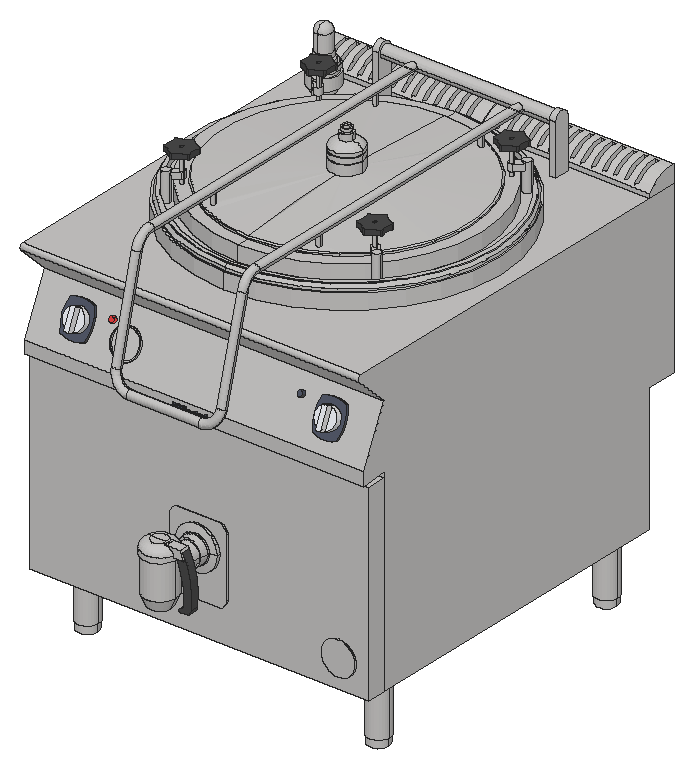
Revit family "QF_ELECTROLUXPROFESSIONAL_391298_E9BSGHDR4C", category Specialty Equipment, Revit 2018 (continued)
Lines and regions (mm)
  symbolic lines
    curve 226: arc (657.768, -246.369, 0) -> (653.24, -234.241, 0) -> (640.819, -237.891, 0) r 9.5
    curve 227: arc (400, -829, 0) -> (341.533, -824.274, 0) -> (284.584, -810.217, 0) r 364
    curve 228: arc (400, -819.087, 0) -> (341.488, -814.219, 0) -> (284.584, -799.749, 0) r 354.087
    curve 229: arc (400, -810.163, 0) -> (341.443, -805.16, 0) -> (284.584, -790.295, 0) r 345.163
    curve 230: arc (400, -785.832, 0) -> (341.301, -780.416, 0) -> (284.584, -764.353, 0) r 320.832
    curve 231: arc (400, -753.723, 0) -> (341.05, -747.641, 0) -> (284.584, -729.651, 0) r 288.723
    curve 232: arc (400, -176.277, 0) -> (458.95, -182.359, 0) -> (515.416, -200.349, 0) r 288.723
    curve 233: arc (400, -144.168, 0) -> (458.699, -149.584, 0) -> (515.416, -165.647, 0) r 320.832
    curve 234: arc (400, -119.837, 0) -> (458.557, -124.84, 0) -> (515.416, -139.705, 0) r 345.163
    curve 235: arc (454.332, -115.106, 0) -> (485.211, -121.319, 0) -> (515.416, -130.251, 0) r 354.087
    curve 236: arc (500.351, -115.106, 0) -> (507.909, -117.363, 0) -> (515.416, -119.783, 0) r 364
    curve 237: arc (284.584, -119.783, 0) -> (292.091, -117.363, 0) -> (299.649, -115.106, 0) r 364
    curve 238: arc (284.584, -130.251, 0) -> (314.789, -121.319, 0) -> (345.668, -115.106, 0) r 354.087
    curve 239: arc (284.584, -139.705, 0) -> (341.443, -124.84, 0) -> (400, -119.837, 0) r 345.163
    curve 240: arc (284.584, -165.647, 0) -> (341.301, -149.584, 0) -> (400, -144.168, 0) r 320.832
    curve 241: arc (284.584, -200.349, 0) -> (341.05, -182.359, 0) -> (400, -176.277, 0) r 288.723
    curve 242: arc (534.416, -209.474, 0) -> (568.945, -230.866, 0) -> (600.131, -256.892, 0) r 288.723
    curve 243: arc (534.416, -173.684, 0) -> (580.763, -199.938, 0) -> (622.126, -233.499, 0) r 320.832
    curve 244: arc (534.416, -147.085, 0) -> (745.163, -465, 0) -> (534.416, -782.915, 0) r 345.163
    curve 245: arc (534.416, -137.418, 0) -> (754.087, -465, 0) -> (534.416, -792.582, 0) r 354.087
    curve 246: arc (534.416, -126.727, 0) -> (764, -465, 0) -> (534.416, -803.273, 0) r 364
    curve 247: arc (265.584, -720.526, 0) -> (231.055, -699.134, 0) -> (199.869, -673.108, 0) r 288.723
    curve 248: arc (265.584, -756.316, 0) -> (219.237, -730.062, 0) -> (177.874, -696.501, 0) r 320.832
    curve 249: arc (265.584, -782.915, 0) -> (54.837, -465, 0) -> (265.584, -147.085, 0) r 345.163
    curve 250: arc (265.584, -792.582, 0) -> (45.913, -465, 0) -> (265.584, -137.418, 0) r 354.087
    curve 251: arc (265.584, -803.273, 0) -> (36, -465, 0) -> (265.584, -126.727, 0) r 364
    curve 252: arc (515.416, -810.217, 0) -> (458.467, -824.274, 0) -> (400, -829, 0) r 364
    curve 253: arc (515.416, -799.749, 0) -> (458.512, -814.219, 0) -> (400, -819.087, 0) r 354.087
    curve 254: arc (515.416, -790.295, 0) -> (458.557, -805.16, 0) -> (400, -810.163, 0) r 345.163
    curve 255: arc (515.416, -764.353, 0) -> (458.699, -780.416, 0) -> (400, -785.832, 0) r 320.832
    curve 256: arc (515.416, -729.651, 0) -> (458.95, -747.641, 0) -> (400, -753.723, 0) r 288.723
    curve 257: arc (199.869, -256.892, 0) -> (231.055, -230.866, 0) -> (265.584, -209.474, 0) r 288.723
    curve 258: arc (177.874, -233.499, 0) -> (219.237, -199.938, 0) -> (265.584, -173.684, 0) r 320.832
    curve 259: arc (632.594, -293.941, 0) -> (688.723, -465, 0) -> (632.594, -636.059, 0) r 288.723
    curve 260: arc (657.013, -272.965, 0) -> (720.832, -465, 0) -> (657.013, -657.035, 0) r 320.832
    curve 261: arc (600.131, -673.108, 0) -> (568.945, -699.134, 0) -> (534.416, -720.526, 0) r 288.723
    curve 262: arc (622.126, -696.501, 0) -> (580.763, -730.062, 0) -> (534.416, -756.316, 0) r 320.832
    curve 263: arc (167.406, -636.059, 0) -> (111.277, -465, 0) -> (167.406, -293.941, 0) r 288.723
    curve 264: arc (142.987, -657.035, 0) -> (79.168, -465, 0) -> (142.987, -272.965, 0) r 320.832
    curve 265: line (284.584, -930, 0) -> (515.416, -930, 0)
    curve 266: line (534.416, -930, 0) -> (800, -930, 0)
    curve 267: arc (363.126, -465, 0) -> (400, -428.126, 0) -> (436.874, -465, 0) r 36.874
    curve 268: arc (436.874, -465, 0) -> (400, -501.874, 0) -> (363.126, -465, 0) r 36.874
    curve 269: arc (411.853, -465, 0) -> (400, -476.853, 0) -> (388.147, -465, 0) r 11.853
    curve 270: arc (388.147, -465, 0) -> (400, -453.147, 0) -> (411.853, -465, 0) r 11.853
    curve 271: arc (393.147, -465, 0) -> (400, -458.147, 0) -> (406.853, -465, 0) r 6.853
    curve 272: arc (406.853, -465, 0) -> (400, -471.853, 0) -> (393.147, -465, 0) r 6.853
  sketch lines
    curve 273: line (524.916, -890.935, 965.089) -> (524.916, -107.606, 965.089)
    curve 274: line (275.084, -890.935, 965.089) -> (275.084, -107.606, 965.089)
    curve 275: line (275.084, -989.388, 712.205) -> (275.084, -929.572, 935.442)
    curve 276: line (484.916, -1000.106, 672.205) -> (315.084, -1000.106, 672.205)
    curve 277: line (524.916, -929.572, 935.442) -> (524.916, -989.388, 712.205)
    curve 278: spline (484.916, -1000.106, 672.205) -> (490.158, -1000.013, 672.551) -> (495.264, -999.741, 673.567) -> (500.22, -999.29, 675.249) -> (504.918, -998.67, 677.565) -> (509.267, -997.891, 680.471) -> (513.2, -996.967, 683.92) -> (516.65, -995.913, 687.855) -> (519.555, -994.746, 692.209) -> (521.869, -993.489, 696.901) -> (523.551, -992.164, 701.847) -> (524.57, -990.793, 706.961) -> (524.916, -989.388, 712.205)
    curve 279: spline (275.084, -989.388, 712.205) -> (275.43, -990.793, 706.963) -> (276.446, -992.161, 701.857) -> (278.128, -993.489, 696.901) -> (280.443, -994.748, 692.203) -> (283.35, -995.913, 687.854) -> (286.799, -996.967, 683.921) -> (290.734, -997.891, 680.471) -> (295.088, -998.67, 677.567) -> (299.78, -999.29, 675.252) -> (304.726, -999.74, 673.571) -> (309.84, -1000.013, 672.552) -> (315.084, -1000.106, 672.205)
    curve 280: arc (275.084, -890.935, 965.089) -> (275.084, -915.286, 956.823) -> (275.084, -929.572, 935.442) r 40
    curve 281: arc (524.916, -929.572, 935.442) -> (524.916, -915.286, 956.823) -> (524.916, -890.935, 965.089) r 40
    curve 282: line (275.084, -107.606, 965.089) -> (275.084, -270.469, 1731.3)
    curve 283: line (275.084, -538.322, 1775.026) -> (275.084, -307.502, 1762.929)
    curve 284: arc (275.084, -270.469, 1731.3) -> (275.084, -283.617, 1753.4) -> (275.084, -307.502, 1762.929) r 40
    curve 285: arc (275.084, -538.322, 1775.026) -> (286.8, -566.568, 1776.497) -> (315.084, -578.268, 1777.106) r 40
    curve 286: line (315.084, -578.268, 1777.106) -> (484.916, -578.268, 1777.106)
    curve 287: arc (524.916, -538.322, 1775.026) -> (513.2, -566.568, 1776.497) -> (484.916, -578.268, 1777.106) r 40
    curve 288: line (524.916, -538.322, 1775.026) -> (524.916, -307.502, 1762.929)
    curve 289: arc (524.916, -270.469, 1731.3) -> (524.916, -283.617, 1753.4) -> (524.916, -307.502, 1762.929) r 40
    curve 290: line (524.916, -107.606, 965.089) -> (524.916, -270.469, 1731.3)
Dimensions and locks
  equal spacing: plane 3 "LEFT", plane 7 "Center Y", plane 4 "RIGHT"
  plane 3 "LEFT" to plane 4 "RIGHT" = 800 mm
  equal spacing: plane 5 "FRONT", plane 8 "Center X", plane 1 "BACK"
  plane 5 "FRONT" to plane 1 "BACK" = 930 mm
  plane 6 "TOP" to level = 850 mm  (x2)
  plane 11 to level = 1786 mm  (x2)
  plane 9 "Base" to level = 150 mm  (x2)
  plane 6 "TOP" to plane 9 "Base" = 700 mm
  plane 12 to plane 3 "LEFT" = 56 mm
  plane 4 "RIGHT" to plane 13 = 56 mm
  plane 12 to plane 13 = 688 mm
  Extrusion 3 to plane 10 = 116 mm
  plane 1 "BACK" to Extrusion 3 = 901 mm
  Extrusion 3 to plane 9 "Base" = 299 mm
  plane 1 "BACK" to Extrusion 3 = 72 mm
  Extrusion 19 sketch curve to plane 1 "BACK" = 655 mm
  Extrusion 19 sketch curve to plane 4 "RIGHT" = 54 mm
  Extrusion 20 sketch curve to plane 1 "BACK" = 721 mm
  Extrusion 20 sketch curve to plane 4 "RIGHT" = 71 mm
  Extrusion 20 to plane 1 "BACK" = 721 mm
  Extrusion 19 to plane 1 "BACK" = 655 mm
  plane 14 to plane 4 "RIGHT" = 54 mm
  plane 15 to plane 4 "RIGHT" = 71 mm
  Extrusion 21 sketch curve to plane 1 "BACK" = 646 mm
  Extrusion 21 sketch curve to plane 1 "BACK" = 716 mm
  Extrusion 21 to plane 1 "BACK" = 646 mm
  Extrusion 21 to plane 1 "BACK" = 716 mm
  plane 3 "LEFT" to plane 16 = 46 mm
  plane 1 "BACK" to plane 19 = 127 mm
  Revolve 33 to level = 266 mm
  plane 9 "Base" to Extrusion 21 = 13 mm
  level to Extrusion 21 = 137 mm
  Extrusion 36 sketch curve to plane 1 "BACK" = 716 mm
  plane 19 to plane 20 to Extrusion 3 = 674 mm, 100 mm
  aligned and locked: level to plane 2
  aligned and locked: plane 4 "RIGHT" to Extrusion 3
Automatic sketch dimensions
  curve 127 to curve 129 = 0 mm  (x2)
  curve 127 to curve 131 = 0 mm  (x2)
  curve 127 to curve 133 = 0 mm  (x2)
  curve 164 to curve 165 = 0 mm  (x2)
  curve 210 to curve 211 = 0 mm
  curve 227 to curve 228 = 0 mm  (x2)
  curve 227 to curve 229 = 0 mm  (x2)
  curve 227 to curve 230 = 0 mm  (x2)
  curve 227 to curve 231 = 0 mm  (x2)
  curve 227 to curve 232 = 0 mm  (x2)
  curve 227 to curve 233 = 0 mm  (x2)
  curve 227 to curve 234 = 0 mm  (x2)
  curve 227 to curve 235 = 0 mm  (x2)
  curve 227 to curve 236 = 0 mm  (x2)
  curve 227 to curve 237 = 0 mm  (x2)
  curve 227 to curve 238 = 0 mm  (x2)
  curve 227 to curve 239 = 0 mm
  curve 227 to curve 240 = 0 mm
  curve 227 to curve 241 = 0 mm
  curve 227 to curve 242 = 0 mm  (x2)
  curve 227 to curve 243 = 0 mm  (x2)
  curve 227 to curve 244 = 0 mm  (x2)
  curve 227 to curve 245 = 0 mm  (x2)
  curve 227 to curve 246 = 0 mm  (x2)
  curve 227 to curve 247 = 0 mm  (x2)
  curve 227 to curve 248 = 0 mm  (x2)
  curve 227 to curve 249 = 0 mm  (x2)
  curve 227 to curve 250 = 0 mm  (x2)
  curve 227 to curve 251 = 0 mm  (x2)
  curve 227 to curve 252 = 0 mm
  curve 227 to curve 253 = 0 mm
  curve 227 to curve 254 = 0 mm
  curve 227 to curve 255 = 0 mm
  curve 227 to curve 256 = 0 mm
  curve 227 to curve 257 = 0 mm  (x2)
  curve 227 to curve 258 = 0 mm  (x2)
  curve 227 to curve 259 = 0 mm  (x2)
  curve 227 to curve 260 = 0 mm  (x2)
  curve 227 to curve 261 = 0 mm  (x2)
  curve 227 to curve 262 = 0 mm  (x2)
  curve 227 to curve 263 = 0 mm  (x2)
  curve 227 to curve 264 = 0 mm  (x2)
  curve 238 to curve 267 = 0 mm
  curve 249 to curve 267 = 0 mm
  curve 268 to curve 272 = 0 mm  (x2)
  curve 270 to curve 272 = 0 mm  (x2)
  plane 5 "FRONT" to curve 3 = 0 mm
  curve 8 to plane 3 "LEFT" = 0 mm
  curve 132 to plane 19 = 0 mm
  curve 211 to plane 17 = 0 mm
  curve 195 to plane 17 = 0 mm
  plane 5 "FRONT" to curve 4 = 0 mm
  plane 5 "FRONT" to curve 265 = 0 mm
  curve 268 to plane 8 "Center X" = 0 mm
  curve 267 to plane 7 "Center Y" = 0 mm
  curve 164 to plane 7 "Center Y" = 0 mm
  plane 5 "FRONT" to curve 266 = 0 mm
  curve 180 to plane 18 = 0 mm
  curve 226 to plane 18 = 0 mm
  curve 266 to plane 4 "RIGHT" = 0 mm
  plane 5 "FRONT" to curve 1 = 0 mm
  plane 10 to curve 165 = 0 mm
  plane 1 "BACK" to curve 5 = 0 mm
  curve 3 to plane 3 "LEFT" = 50 mm
  plane 1 "BACK" to curve 14 = 6.761 mm
  plane 16 to curve 14 = 17.297 mm
  plane 16 to curve 16 = 8.001 mm
  plane 12 to curve 20 = 0.809 mm
  curve 20 to plane 12 = 8.487 mm
  curve 131 to plane 12 = 19 mm
  curve 206 to plane 12 = 22.767 mm
  curve 185 to plane 12 = 22.767 mm
  plane 1 "BACK" to curve 23 = 6.761 mm
  curve 19 to curve 23 = 16.193 mm
  curve 22 to curve 22 = 9.296 mm
  plane 1 "BACK" to curve 29 = 6.761 mm
  curve 22 to curve 29 = 16.193 mm
  curve 28 to curve 27 = 9.296 mm
  plane 17 to curve 183 = 25.788 mm
  plane 17 to curve 187 = 25.788 mm
  plane 17 to curve 204 = 25.788 mm
  curve 26 to curve 31 = 16.193 mm
  plane 17 to curve 264 = 8.023 mm  (x2)
  curve 31 to curve 33 = 9.296 mm
  curve 206 to curve 264 = 0.91 mm
  curve 211 to curve 210 = 9.5 mm
  curve 184 to curve 264 = 0.91 mm
  curve 210 to curve 206 = 0.567 mm
  plane 17 to curve 186 = 8.933 mm
  curve 205 to curve 206 = 0 mm
  curve 185 to curve 186 = 0 mm
  curve 206 to curve 207 = 0 mm
  curve 185 to curve 184 = 0 mm
  curve 205 to curve 211 = 0.155 mm
  curve 185 to curve 195 = 0.261 mm
  curve 185 to curve 184 = 2.05 mm
  curve 206 to curve 208 = 2.05 mm
  curve 195 to curve 187 = 1.788 mm
  curve 211 to curve 205 = 1.895 mm
  curve 186 to curve 187 = 0 mm
  curve 207 to curve 208 = 0 mm
  curve 183 to curve 184 = 0 mm
  curve 204 to curve 205 = 0 mm
  curve 204 to curve 205 = 0.873 mm
  curve 183 to curve 184 = 0.873 mm
  curve 186 to curve 186 = 0.873 mm
  curve 207 to curve 207 = 2.922 mm
  curve 37 to plane 17 = 6.135 mm
  curve 210 to plane 17 = 8.171 mm
  curve 195 to plane 17 = 8.37 mm
  curve 36 to curve 36 = 9.296 mm
  curve 263 to plane 17 = 16.396 mm  (x2)
  curve 193 to plane 17 = 16.667 mm
  curve 197 to plane 17 = 16.667 mm
  curve 263 to curve 182 = 2.209 mm
  curve 183 to curve 182 = 0 mm
  curve 263 to curve 209 = 2.209 mm
  curve 208 to curve 209 = 0 mm
  curve 210 to curve 203 = 10.466 mm
  curve 195 to curve 188 = 10.267 mm
  curve 204 to curve 203 = 0 mm
  curve 187 to curve 188 = 0 mm
  curve 209 to curve 209 = 2.063 mm  (x2)
  curve 196 to curve 196 = 4 mm
  curve 187 to curve 188 = 2.031 mm
  curve 204 to curve 203 = 2.031 mm
  curve 193 to curve 193 = 4 mm
  curve 183 to curve 182 = 2.063 mm
  curve 203 to curve 203 = 2.031 mm
  curve 188 to curve 188 = 2.031 mm
  curve 202 to curve 203 = 0 mm
  curve 189 to curve 188 = 0 mm
  curve 182 to curve 181 = 2.063 mm
  curve 198 to curve 209 = 0 mm
  curve 182 to curve 181 = 0 mm
  curve 203 to curve 258 = 4.166 mm
  curve 189 to curve 248 = 4.166 mm
  plane 1 "BACK" to curve 38 = 6.761 mm
  curve 35 to curve 38 = 16.193 mm
  curve 39 to curve 148 = 0.877 mm
  curve 39 to curve 41 = 9.296 mm
  curve 148 to curve 148 = 14.583 mm
  curve 248 to curve 190 = 20.482 mm
  curve 196 to curve 199 = 22.678 mm
  curve 258 to curve 201 = 20.482 mm
  curve 193 to curve 192 = 22.678 mm
  curve 192 to curve 181 = 0.873 mm
  curve 190 to curve 190 = 0.873 mm
  curve 201 to curve 201 = 0.873 mm
  curve 202 to curve 201 = 0 mm
  curve 189 to curve 190 = 0 mm
  curve 199 to curve 199 = 0.873 mm
  curve 192 to curve 181 = 0 mm
  curve 198 to curve 199 = 0 mm
  curve 201 to curve 257 = 1.514 mm
  curve 190 to curve 247 = 1.514 mm
  curve 192 to curve 191 = 2.922 mm
  curve 201 to curve 201 = 2.922 mm
  curve 192 to curve 191 = 0 mm
  curve 190 to curve 191 = 2.922 mm
  curve 200 to curve 201 = 0 mm
  curve 190 to curve 191 = 0 mm
  curve 199 to curve 199 = 2.922 mm
  curve 200 to curve 199 = 0 mm
  plane 1 "BACK" to curve 45 = 6.761 mm
  curve 38 to curve 45 = 16.193 mm
  curve 42 to curve 43 = 9.296 mm
  curve 199 to curve 198 = 18.905 mm
  curve 190 to curve 189 = 18.905 mm
  curve 201 to curve 202 = 18.905 mm
  plane 1 "BACK" to curve 47 = 6.761 mm
  curve 43 to curve 47 = 16.193 mm
  curve 47 to curve 48 = 9.296 mm
  plane 1 "BACK" to curve 53 = 6.761 mm
  curve 46 to curve 53 = 16.193 mm
  curve 50 to curve 51 = 9.296 mm
  curve 159 to curve 160 = 11.018 mm
  curve 159 to curve 160 = 0 mm
  curve 152 to curve 159 = 16.906 mm
  curve 238 to plane 19 = 3.251 mm
  curve 251 to curve 238 = 19 mm
  plane 1 "BACK" to curve 54 = 6.761 mm
  curve 51 to curve 54 = 16.193 mm
  curve 54 to curve 54 = 9.296 mm
  curve 153 to curve 237 = 15.065 mm
  curve 56 to curve 58 = 16.193 mm
  curve 160 to plane 5 "FRONT" = 18.895 mm
  curve 265 to curve 160 = 26.349 mm
  curve 160 to curve 158 = 4.31 mm
  curve 156 to plane 10 = 7.425 mm
  curve 60 to curve 59 = 9.296 mm
  plane 1 "BACK" to curve 63 = 6.761 mm
  curve 59 to curve 63 = 16.193 mm
  curve 63 to curve 65 = 9.296 mm
  plane 19 to curve 238 = 11.894 mm
  curve 164 to plane 7 "Center Y" = 40.433 mm
  curve 64 to curve 69 = 16.193 mm
  curve 268 to plane 7 "Center Y" = 36.874 mm
  plane 5 "FRONT" to curve 10 = 4.772 mm
  curve 10 to plane 7 "Center Y" = 31.52 mm
  curve 164 to curve 165 = 8.979 mm
  curve 66 to curve 66 = 9.296 mm
  curve 165 to curve 12 = 4.144 mm
  curve 269 to plane 7 "Center Y" = 11.853 mm
  curve 269 to curve 272 = 5 mm
  plane 7 "Center Y" to curve 136 = 15.663 mm
  curve 13 to curve 165 = 4.144 mm
  plane 1 "BACK" to curve 124 = 6.761 mm
  plane 7 "Center Y" to curve 124 = 29.653 mm
  curve 13 to curve 9 = 4.21 mm
  curve 123 to curve 124 = 9.296 mm
  plane 10 to curve 164 = 10.975 mm
  curve 122 to curve 235 = 15.384 mm
  curve 122 to curve 121 = 16.193 mm
  curve 164 to curve 139 = 17.124 mm
  curve 137 to curve 138 = 3.801 mm
  curve 138 to curve 141 = 3.334 mm
  curve 120 to curve 119 = 9.296 mm
  plane 1 "BACK" to curve 116 = 6.761 mm
  curve 118 to curve 116 = 16.193 mm
  curve 138 to curve 140 = 22.077 mm
  curve 140 to curve 156 = 2.138 mm
  curve 161 to curve 156 = 0 mm
  curve 157 to curve 161 = 0 mm
  curve 161 to curve 163 = 4.31 mm
  curve 115 to curve 117 = 9.296 mm
  curve 235 to curve 236 = 46.018 mm
  curve 114 to curve 113 = 16.193 mm
  curve 110 to curve 111 = 9.296 mm
  curve 161 to curve 254 = 30.659 mm
  curve 155 to curve 162 = 2.094 mm
  curve 163 to plane 10 = 13.503 mm
  curve 162 to curve 163 = 5.889 mm
  curve 162 to curve 163 = 0 mm
  curve 111 to curve 106 = 16.193 mm
  curve 261 to curve 168 = 0.996 mm
  curve 242 to curve 214 = 0.996 mm
  curve 106 to curve 109 = 9.296 mm
  plane 1 "BACK" to curve 105 = 6.761 mm
  curve 108 to curve 105 = 16.193 mm
  curve 102 to curve 102 = 9.296 mm
  curve 243 to curve 212 = 47.451 mm
  curve 216 to plane 18 = 67.123 mm
  curve 166 to plane 18 = 67.123 mm
  curve 262 to curve 170 = 47.451 mm
  curve 103 to curve 99 = 16.193 mm
  curve 99 to curve 101 = 9.296 mm
  curve 168 to plane 18 = 50.268 mm
  curve 215 to plane 18 = 50.268 mm
  curve 214 to curve 215 = 0 mm  (x2)
  curve 167 to curve 168 = 0 mm
  curve 169 to curve 167 = 0 mm
  curve 168 to curve 169 = 0 mm
  curve 213 to curve 214 = 0 mm
  curve 168 to curve 261 = 1.408 mm
  curve 214 to curve 242 = 1.408 mm
  curve 167 to curve 166 = 2.05 mm
  curve 168 to curve 170 = 2.05 mm
  curve 169 to curve 170 = 0 mm
  curve 214 to curve 215 = 2.05 mm
  curve 213 to curve 213 = 2.05 mm
  curve 212 to curve 213 = 0 mm
  curve 216 to curve 215 = 0 mm
  curve 167 to curve 166 = 0 mm
  curve 215 to curve 215 = 0.873 mm
  curve 168 to curve 169 = 2.922 mm
  curve 167 to curve 167 = 2.922 mm
  curve 212 to curve 213 = 0.873 mm
  curve 98 to curve 147 = 10.028 mm
  curve 98 to curve 126 = 16.193 mm
  curve 142 to curve 142 = 14.583 mm
  curve 96 to curve 96 = 9.296 mm
  curve 170 to curve 262 = 21.354 mm
  curve 213 to curve 243 = 21.354 mm
  curve 179 to plane 18 = 24.667 mm
  curve 224 to plane 18 = 24.667 mm
  curve 217 to plane 18 = 22.73 mm
  curve 166 to plane 18 = 22.73 mm
  curve 177 to curve 166 = 0 mm
  curve 216 to curve 217 = 0 mm
  curve 262 to curve 170 = 4.166 mm
  curve 171 to curve 170 = 0 mm
  curve 243 to curve 223 = 4.166 mm
  curve 212 to curve 223 = 0 mm
  curve 171 to curve 171 = 2.031 mm
  curve 178 to curve 178 = 4 mm
  curve 224 to curve 224 = 4 mm
  curve 212 to curve 223 = 2.031 mm
  curve 217 to curve 217 = 2.063 mm
  curve 177 to curve 177 = 2.063 mm  (x2)
  curve 223 to curve 223 = 2.031 mm
  curve 171 to curve 172 = 2.031 mm
  curve 171 to curve 172 = 0 mm
  curve 222 to curve 223 = 0 mm
  curve 217 to curve 218 = 2.063 mm
  curve 217 to curve 218 = 0 mm
  curve 176 to curve 177 = 0 mm
  curve 176 to curve 259 = 2.209 mm
  curve 218 to curve 259 = 2.209 mm
  curve 91 to plane 18 = 15.43 mm
  curve 180 to plane 18 = 8.37 mm
  curve 226 to plane 18 = 8.171 mm
  curve 93 to plane 18 = 6.135 mm
  plane 18 to curve 173 = 6.011 mm
  plane 18 to curve 221 = 6.011 mm
  plane 18 to curve 175 = 6.011 mm
  plane 18 to curve 219 = 6.011 mm
  curve 221 to curve 221 = 0.873 mm
  curve 173 to curve 172 = 0.873 mm
  curve 222 to curve 221 = 0 mm
  curve 173 to curve 172 = 0 mm
  curve 175 to curve 176 = 0.873 mm
  curve 219 to curve 218 = 0.873 mm
  curve 219 to curve 218 = 0 mm
  curve 175 to curve 176 = 0 mm
  curve 219 to curve 260 = 2.012 mm
  curve 175 to curve 260 = 2.012 mm
  curve 173 to curve 180 = 1.788 mm
  curve 221 to curve 226 = 1.895 mm
  curve 175 to curve 175 = 2.922 mm
  curve 226 to curve 221 = 0.155 mm
  curve 220 to curve 221 = 0 mm
  curve 219 to curve 220 = 2.922 mm
  curve 174 to curve 175 = 0 mm
  curve 180 to curve 174 = 0.261 mm
  curve 173 to curve 174 = 0 mm
  curve 219 to curve 220 = 0 mm
  plane 18 to curve 88 = 10.058 mm
  curve 88 to curve 87 = 9.296 mm
  plane 18 to curve 218 = 25.788 mm
  plane 18 to curve 176 = 25.788 mm
  plane 1 "BACK" to curve 84 = 6.761 mm
  curve 86 to curve 84 = 16.193 mm
  curve 83 to curve 84 = 9.296 mm
  plane 1 "BACK" to curve 78 = 6.761 mm
  curve 84 to curve 78 = 16.193 mm
  curve 78 to curve 79 = 9.296 mm
  curve 75 to plane 15 = 6.513 mm
  plane 13 to curve 77 = 0.809 mm
  plane 1 "BACK" to curve 70 = 6.761 mm
  curve 70 to plane 14 = 15.001 mm
  curve 70 to curve 71 = 9.296 mm
  plane 4 "RIGHT" to curve 1 = 50 mm
  curve 136 to curve 138 = 3.039 mm
  curve 156 to curve 157 = 19.044 mm
  curve 159 to curve 153 = 1.575 mm
  curve 162 to curve 161 = 1.575 mm
  curve 252 to curve 229 = 18.837 mm
  curve 253 to curve 229 = 8.924 mm
  curve 245 to curve 244 = 9.667 mm
  curve 255 to curve 262 = 8.036 mm
  curve 230 to curve 256 = 32.108 mm
  curve 172 to curve 262 = 51.031 mm
  curve 195 to curve 193 = 25.162 mm
  curve 180 to curve 178 = 25.162 mm
  curve 264 to curve 184 = 4.689 mm
  curve 196 to curve 210 = 20.194 mm
  curve 225 to curve 242 = 6.038 mm
  curve 257 to curve 241 = 9.125 mm
  curve 258 to curve 240 = 8.036 mm
  curve 127 to curve 127 = 35 mm
  curve 127 to curve 130 = 5 mm
  curve 129 to curve 134 = 5 mm
  curve 133 to curve 131 = 6.817 mm
  curve 234 to curve 235 = 9.454 mm
  plane 19 to curve 149 = 9.5 mm
  curve 144 to curve 146 = 2.379 mm
  curve 146 to curve 147 = 30 mm
  curve 147 to curve 144 = 2.394 mm
  curve 147 to curve 148 = 2.394 mm
  plane 19 to curve 8 = 57.15 mm
  curve 236 to curve 115 = 50.222 mm
  curve 142 to curve 98 = 17.828 mm
  curve 153 to curve 56 = 50.222 mm
  curve 8 to curve 16 = 4.965 mm
  curve 148 to curve 47 = 17.828 mm
  curve 16 to curve 18 = 0 mm
  curve 125 to curve 114 = 0 mm
  curve 148 to curve 45 = 17.828 mm
  curve 41 to curve 42 = 0 mm
  curve 114 to curve 112 = 0 mm
  curve 238 to curve 65 = 50.222 mm
  curve 18 to curve 24 = 0 mm
  curve 32 to curve 39 = 0 mm
  curve 48 to curve 53 = 0 mm
  curve 119 to curve 114 = 0 mm
  curve 142 to curve 96 = 17.828 mm
  curve 103 to curve 98 = 0 mm
  curve 64 to curve 69 = 0 mm
  curve 111 to curve 106 = 0 mm
  curve 95 to curve 87 = 0 mm
  curve 26 to curve 31 = 0 mm
  curve 32 to curve 37 = 0 mm
  curve 56 to curve 61 = 0 mm
  curve 93 to curve 88 = 0 mm
  curve 87 to curve 79 = 0.974 mm
  curve 87 to curve 83 = 0.974 mm
  curve 79 to curve 77 = 0 mm
  curve 74 to curve 73 = 0 mm
  plane 1 "BACK" to curve 75 = 6.761 mm
  plane 1 "BACK" to curve 69 = 6.761 mm
  plane 1 "BACK" to curve 86 = 6.761 mm
  plane 1 "BACK" to curve 91 = 6.761 mm
  plane 1 "BACK" to curve 94 = 6.761 mm
  plane 1 "BACK" to curve 99 = 6.761 mm
  plane 1 "BACK" to curve 107 = 6.761 mm
  plane 1 "BACK" to curve 61 = 6.761 mm
  plane 1 "BACK" to curve 110 = 6.761 mm
  plane 1 "BACK" to curve 118 = 6.761 mm
  plane 1 "BACK" to curve 31 = 6.761 mm
  plane 1 "BACK" to curve 19 = 6.761 mm
  plane 1 "BACK" to curve 35 = 6.761 mm
  curve 2 to plane 1 "BACK" = 50 mm
  Revolve 1 sketch curve to plane 9 "Base" = 0 mm  (x2)
  Revolve 1 sketch curve to level = 0 mm
  plane 12 to Revolve 1 sketch curve = 0 mm  (x2)
  plane 16 to Revolve 1 sketch curve = 13.9 mm
  Revolve 1 sketch curve to Revolve 1 sketch curve = 2.5 mm
  level to Revolve 1 sketch curve = 19.05 mm
  Revolve 1 sketch curve to Revolve 1 sketch curve = 20 mm
  Revolve 2 sketch curve to plane 9 "Base" = 0 mm  (x2)
  Revolve 2 sketch curve to level = 0 mm
  plane 12 to Revolve 2 sketch curve = 0 mm  (x2)
  plane 16 to Revolve 2 sketch curve = 13.9 mm
  Revolve 2 sketch curve to Revolve 2 sketch curve = 2.5 mm
  level to Revolve 2 sketch curve = 19.05 mm
  Revolve 2 sketch curve to Revolve 2 sketch curve = 20 mm
  Extrusion 3 sketch curve to plane 6 "TOP" = 0 mm
  Extrusion 3 sketch curve to plane 9 "Base" = 0 mm  (x2)
  Extrusion 3 sketch curve to plane 1 "BACK" = 0 mm
  plane 19 to Extrusion 3 sketch curve = 55 mm
  Extrusion 3 sketch curve to Extrusion 3 sketch curve = 3.175 mm  (x2)
  Extrusion 3 sketch curve to Extrusion 3 sketch curve = 0.442 mm
  Extrusion 3 sketch curve to plane 5 "FRONT" = 29 mm
  Extrusion 3 sketch curve to plane 5 "FRONT" = 14.69 mm
  Extrusion 3 sketch curve to plane 5 "FRONT" = 7.658 mm
  Extrusion 3 sketch curve to plane 5 "FRONT" = 2.243 mm
  plane 9 "Base" to Extrusion 3 sketch curve = 299 mm
  Extrusion 3 sketch curve to plane 6 "TOP" = 247.929 mm
  Extrusion 3 sketch curve to Extrusion 3 sketch curve = 8.058 mm
  Extrusion 3 sketch curve to Extrusion 3 sketch curve = 9.61 mm
  Extrusion 3 sketch curve to Extrusion 3 sketch curve = 31.298 mm
  Extrusion 3 sketch curve to plane 6 "TOP" = 83.217 mm
  Extrusion 3 sketch curve to plane 6 "TOP" = 13.073 mm
  Extrusion 4 sketch curve to plane 7 "Center Y" = 46.875 mm
  plane 9 "Base" to Extrusion 4 sketch curve = 76.296 mm
  Extrusion 4 sketch curve to Extrusion 4 sketch curve = 20 mm  (x3)
  Extrusion 4 sketch curve to Extrusion 4 sketch curve = 140 mm
  plane 7 "Center Y" to Extrusion 4 sketch curve = 46.875 mm
  Extrusion 4 sketch curve to Extrusion 4 sketch curve = 0 mm
  Revolve 5 sketch curve to plane 7 "Center Y" = 0 mm  (x2)
  plane 7 "Center Y" to Revolve 5 sketch curve = 27.31 mm
  Revolve 5 sketch curve to Revolve 5 sketch curve = 4.21 mm
  Revolve 5 sketch curve to Revolve 5 sketch curve = 2.04 mm
  Revolve 5 sketch curve to Revolve 5 sketch curve = 16.919 mm
  Revolve 5 sketch curve to plane 10 = 22.744 mm
  plane 5 "FRONT" to Revolve 5 sketch curve = 4.737 mm
  Revolve 5 sketch curve to plane 5 "FRONT" = 1.761 mm
  Revolve 5 sketch curve to plane 5 "FRONT" = 13.787 mm
  Revolve 5 sketch curve to Revolve 5 sketch curve = 2.899 mm
  Revolve 5 sketch curve to Revolve 5 sketch curve = 3.596 mm
  Revolve 5 sketch curve to Revolve 5 sketch curve = 24.039 mm
  Revolve 5 sketch curve to Revolve 5 sketch curve = 15.961 mm
  Extrusion 6 sketch curve to Extrusion 3 = 66.87 mm
  Extrusion 6 sketch curve to Extrusion 3 = 126.87 mm
  Extrusion 3 to Extrusion 6 sketch curve = 70.027 mm
  Extrusion 3 to Extrusion 6 sketch curve = 284.973 mm
  plane 18 to Extrusion 7 sketch curve = 20.038 mm
  plane 15 to Extrusion 7 sketch curve = 1.596 mm
  Extrusion 7 sketch curve to Extrusion 7 sketch curve = 0 mm  (x3)
  Extrusion 7 sketch curve to plane 12 = 16.596 mm
  plane 17 to Extrusion 7 sketch curve = 20.038 mm
  Extrusion 7 sketch curve to Extrusion 7 sketch curve = 12.3 mm  (x2)
  Extrusion 7 sketch curve to plane 14 = 7.131 mm
  Extrusion 7 sketch curve to Extrusion 7 sketch curve = 34.925 mm  (x4)
  Extrusion 7 sketch curve to plane 18 = 5.076 mm
  Extrusion 7 sketch curve to plane 17 = 5.076 mm
  plane 16 to Extrusion 7 sketch curve = 0.131 mm
  Extrusion 7 sketch curve to Extrusion 7 sketch curve = 46.691 mm  (x2)
  plane 15 to Extrusion 7 sketch curve = 2.214 mm
  plane 18 to Extrusion 7 sketch curve = 20.651 mm
  Extrusion 7 sketch curve to plane 12 = 17.214 mm
  plane 17 to Extrusion 7 sketch curve = 20.651 mm
  Extrusion 8 sketch curve to Extrusion 8 sketch curve = 0 mm
  Extrusion 8 sketch curve to Extrusion 8 sketch curve = 595.086 mm
  Extrusion 9 sketch curve to Extrusion 9 sketch curve = 24.732 mm  (x2)
  Extrusion 9 sketch curve to Extrusion 9 sketch curve = 0 mm  (x2)
  Extrusion 10 sketch curve to plane 17 = 26.173 mm
  Extrusion 11 sketch curve to plane 18 = 26.173 mm
  plane 7 "Center Y" to Extrusion 12 sketch curve = 21.292 mm
  Extrusion 12 sketch curve to plane 6 "TOP" = 237.067 mm
  Extrusion 12 sketch curve to plane 7 "Center Y" = 13.807 mm
  Extrusion 12 sketch curve to Extrusion 12 sketch curve = 5.041 mm
  plane 7 "Center Y" to Extrusion 12 sketch curve = 5.969 mm
  Extrusion 12 sketch curve to Extrusion 12 sketch curve = 5.06 mm
  Extrusion 12 sketch curve to Extrusion 12 sketch curve = 0 mm  (x27)
  Extrusion 12 sketch curve to Extrusion 12 sketch curve = 5.108 mm  (x2)
  Extrusion 12 sketch curve to Extrusion 12 sketch curve = 0.054 mm
  Extrusion 12 sketch curve to Extrusion 12 sketch curve = 0.218 mm
  Extrusion 12 sketch curve to Extrusion 12 sketch curve = 0.195 mm
  Extrusion 12 sketch curve to Extrusion 12 sketch curve = 0.249 mm
  Extrusion 12 sketch curve to Extrusion 12 sketch curve = 0.316 mm
  Extrusion 12 sketch curve to Extrusion 12 sketch curve = 0.087 mm
  Extrusion 12 sketch curve to Extrusion 12 sketch curve = 0.358 mm
  Extrusion 12 sketch curve to Extrusion 12 sketch curve = 0.481 mm
  Extrusion 12 sketch curve to Extrusion 12 sketch curve = 0.597 mm
  Extrusion 12 sketch curve to Extrusion 12 sketch curve = 0.544 mm
  Extrusion 12 sketch curve to Extrusion 12 sketch curve = 0.936 mm
  Extrusion 12 sketch curve to Extrusion 12 sketch curve = 0.594 mm
  Extrusion 12 sketch curve to Extrusion 12 sketch curve = 0.343 mm
  Extrusion 12 sketch curve to Extrusion 12 sketch curve = 0.159 mm
  Extrusion 12 sketch curve to Extrusion 12 sketch curve = 0.826 mm
  Extrusion 12 sketch curve to Extrusion 12 sketch curve = 0.839 mm
  Extrusion 12 sketch curve to Extrusion 12 sketch curve = 0.852 mm
  Extrusion 12 sketch curve to Extrusion 12 sketch curve = 0.887 mm
  Extrusion 12 sketch curve to Extrusion 12 sketch curve = 0.928 mm
  Extrusion 12 sketch curve to Extrusion 12 sketch curve = 0.938 mm
  Extrusion 12 sketch curve to Extrusion 12 sketch curve = 0.444 mm
  Extrusion 12 sketch curve to Extrusion 12 sketch curve = 1.11 mm  (x3)
  plane 7 "Center Y" to Extrusion 12 sketch curve = 43.726 mm
  Extrusion 12 sketch curve to Extrusion 12 sketch curve = 0.215 mm
  plane 7 "Center Y" to Extrusion 12 sketch curve = 0.332 mm
  Extrusion 12 sketch curve to Extrusion 12 sketch curve = 1.43 mm
  Extrusion 12 sketch curve to Extrusion 12 sketch curve = 1.188 mm
  Extrusion 12 sketch curve to Extrusion 12 sketch curve = 1.21 mm  (x2)
  Extrusion 12 sketch curve to Extrusion 12 sketch curve = 0.503 mm
  plane 7 "Center Y" to Extrusion 12 sketch curve = 48.995 mm
  Extrusion 12 sketch curve to Extrusion 12 sketch curve = 0.488 mm
  plane 7 "Center Y" to Extrusion 12 sketch curve = 52.922 mm
  Extrusion 12 sketch curve to Extrusion 12 sketch curve = 0.462 mm
  Extrusion 12 sketch curve to Extrusion 12 sketch curve = 1.386 mm
  Extrusion 12 sketch curve to Extrusion 12 sketch curve = 1.742 mm
  Extrusion 12 sketch curve to Extrusion 12 sketch curve = 0.821 mm
  Extrusion 12 sketch curve to Extrusion 12 sketch curve = 0.497 mm
  Extrusion 12 sketch curve to Extrusion 12 sketch curve = 0.539 mm
  Extrusion 12 sketch curve to Extrusion 12 sketch curve = 0.199 mm
  Extrusion 12 sketch curve to plane 7 "Center Y" = 0.042 mm
  Extrusion 12 sketch curve to Extrusion 12 sketch curve = 0.408 mm
  Extrusion 12 sketch curve to Extrusion 12 sketch curve = 0.743 mm
  Extrusion 12 sketch curve to Extrusion 12 sketch curve = 1.16 mm
  Extrusion 12 sketch curve to Extrusion 12 sketch curve = 0.329 mm
  Extrusion 12 sketch curve to Extrusion 12 sketch curve = 1.054 mm
  Extrusion 12 sketch curve to Extrusion 12 sketch curve = 1.056 mm
  Extrusion 12 sketch curve to Extrusion 12 sketch curve = 0.129 mm
  Extrusion 12 sketch curve to Extrusion 12 sketch curve = 0.489 mm
  Extrusion 12 sketch curve to plane 7 "Center Y" = 0.376 mm
  Extrusion 12 sketch curve to Extrusion 12 sketch curve = 0.441 mm
  Extrusion 12 sketch curve to Extrusion 12 sketch curve = 1.151 mm
  Extrusion 12 sketch curve to Extrusion 12 sketch curve = 1.141 mm  (x2)
  Extrusion 12 sketch curve to Extrusion 12 sketch curve = 0.768 mm
  Extrusion 12 sketch curve to Extrusion 12 sketch curve = 1.653 mm
  Extrusion 12 sketch curve to Extrusion 12 sketch curve = 0.499 mm
  Extrusion 12 sketch curve to Extrusion 12 sketch curve = 0.964 mm
  Extrusion 12 sketch curve to Extrusion 12 sketch curve = 0.949 mm
  Extrusion 12 sketch curve to Extrusion 12 sketch curve = 1.345 mm  (x3)
  Extrusion 12 sketch curve to Extrusion 12 sketch curve = 1.101 mm
  Extrusion 12 sketch curve to Extrusion 12 sketch curve = 0.432 mm
  Extrusion 12 sketch curve to Extrusion 12 sketch curve = 1.142 mm
  Extrusion 12 sketch curve to Extrusion 12 sketch curve = 0.959 mm
  Extrusion 12 sketch curve to Extrusion 12 sketch curve = 0.176 mm
  Extrusion 12 sketch curve to Extrusion 12 sketch curve = 0.728 mm
  Extrusion 12 sketch curve to Extrusion 12 sketch curve = 3.375 mm  (x2)
  Extrusion 12 sketch curve to Extrusion 12 sketch curve = 0.541 mm
  Extrusion 12 sketch curve to Extrusion 12 sketch curve = 0.955 mm
  Extrusion 12 sketch curve to Extrusion 12 sketch curve = 1.251 mm
  Extrusion 12 sketch curve to Extrusion 12 sketch curve = 0.572 mm
  plane 7 "Center Y" to Extrusion 12 sketch curve = 47.619 mm
  Extrusion 12 sketch curve to Extrusion 12 sketch curve = 1.92 mm
  Extrusion 12 sketch curve to Extrusion 12 sketch curve = 1.224 mm
  Extrusion 12 sketch curve to Extrusion 12 sketch curve = 0.745 mm
  Extrusion 12 sketch curve to Extrusion 12 sketch curve = 0.036 mm
  Extrusion 12 sketch curve to Extrusion 12 sketch curve = 0.896 mm  (x3)
  Extrusion 12 sketch curve to Extrusion 12 sketch curve = 2.607 mm
  Extrusion 12 sketch curve to Extrusion 12 sketch curve = 0.066 mm
  Extrusion 12 sketch curve to Extrusion 12 sketch curve = 0.248 mm
  Extrusion 12 sketch curve to Extrusion 12 sketch curve = 0.449 mm
  plane 7 "Center Y" to Extrusion 12 sketch curve = 46.838 mm
  Extrusion 12 sketch curve to Extrusion 12 sketch curve = 1.052 mm
  Extrusion 12 sketch curve to Extrusion 12 sketch curve = 1.863 mm
  Extrusion 12 sketch curve to Extrusion 12 sketch curve = 1.31 mm  (x2)
  Extrusion 12 sketch curve to Extrusion 12 sketch curve = 0.901 mm
  Extrusion 12 sketch curve to Extrusion 12 sketch curve = 1.107 mm
  Extrusion 12 sketch curve to Extrusion 12 sketch curve = 2.122 mm
  Extrusion 12 sketch curve to Extrusion 12 sketch curve = 2.101 mm
  Extrusion 12 sketch curve to Extrusion 12 sketch curve = 0.106 mm
  Extrusion 12 sketch curve to Extrusion 12 sketch curve = 0.029 mm
  plane 7 "Center Y" to Extrusion 12 sketch curve = 49.641 mm
  Extrusion 12 sketch curve to Extrusion 12 sketch curve = 2.09 mm
  Extrusion 12 sketch curve to Extrusion 12 sketch curve = 1.279 mm
  Extrusion 12 sketch curve to Extrusion 12 sketch curve = 2.008 mm
  Extrusion 12 sketch curve to Extrusion 12 sketch curve = 0.738 mm
  Extrusion 12 sketch curve to Extrusion 12 sketch curve = 0.382 mm
  Extrusion 12 sketch curve to Extrusion 12 sketch curve = 0.384 mm
  Extrusion 12 sketch curve to Extrusion 12 sketch curve = 0.002 mm
  Extrusion 12 sketch curve to Extrusion 12 sketch curve = 0.561 mm
  Extrusion 12 sketch curve to Extrusion 12 sketch curve = 0.592 mm
  Extrusion 12 sketch curve to Extrusion 12 sketch curve = 2.692 mm
  Extrusion 12 sketch curve to Extrusion 12 sketch curve = 1.259 mm
  plane 7 "Center Y" to Extrusion 12 sketch curve = 48.858 mm
  Extrusion 12 sketch curve to Extrusion 12 sketch curve = 0.802 mm
  Extrusion 12 sketch curve to Extrusion 12 sketch curve = 1.024 mm
  Extrusion 12 sketch curve to Extrusion 12 sketch curve = 0.682 mm
  Extrusion 12 sketch curve to Extrusion 12 sketch curve = 5.934 mm
  Extrusion 12 sketch curve to Extrusion 12 sketch curve = 2.186 mm
  Extrusion 12 sketch curve to Extrusion 12 sketch curve = 0.337 mm
  Extrusion 12 sketch curve to Extrusion 12 sketch curve = 0.021 mm
  Extrusion 12 sketch curve to Extrusion 12 sketch curve = 1.005 mm
  Extrusion 12 sketch curve to Extrusion 12 sketch curve = 0.552 mm
  Extrusion 12 sketch curve to Extrusion 12 sketch curve = 0.778 mm
  Extrusion 12 sketch curve to Extrusion 12 sketch curve = 0.063 mm
  Extrusion 12 sketch curve to Extrusion 12 sketch curve = 1.023 mm
  Extrusion 12 sketch curve to Extrusion 12 sketch curve = 3.804 mm
  Extrusion 12 sketch curve to Extrusion 12 sketch curve = 0.486 mm
  Extrusion 12 sketch curve to Extrusion 12 sketch curve = 0.266 mm
  Extrusion 12 sketch curve to plane 7 "Center Y" = 0.787 mm
  Extrusion 12 sketch curve to Extrusion 12 sketch curve = 1.547 mm
  Extrusion 12 sketch curve to Extrusion 12 sketch curve = 0.717 mm  (x2)
  Extrusion 12 sketch curve to Extrusion 12 sketch curve = 1.667 mm
  plane 7 "Center Y" to Extrusion 12 sketch curve = 44.532 mm
  Extrusion 12 sketch curve to Extrusion 12 sketch curve = 3.174 mm
  plane 7 "Center Y" to Extrusion 12 sketch curve = 0.368 mm
  Extrusion 12 sketch curve to Extrusion 12 sketch curve = 0.388 mm
  Extrusion 12 sketch curve to Extrusion 12 sketch curve = 1.342 mm
  plane 7 "Center Y" to Extrusion 12 sketch curve = 50.135 mm
  Extrusion 12 sketch curve to Extrusion 12 sketch curve = 1.521 mm
  plane 7 "Center Y" to Extrusion 12 sketch curve = 51.694 mm
  Extrusion 12 sketch curve to Extrusion 12 sketch curve = 0.124 mm
  Extrusion 12 sketch curve to Extrusion 12 sketch curve = 0.291 mm
  plane 7 "Center Y" to Extrusion 12 sketch curve = 7.285 mm
  Extrusion 12 sketch curve to Extrusion 12 sketch curve = 1.049 mm  (x2)
  plane 7 "Center Y" to Extrusion 12 sketch curve = 47.668 mm
  Extrusion 12 sketch curve to Extrusion 12 sketch curve = 1.7 mm
  Extrusion 12 sketch curve to Extrusion 12 sketch curve = 0.894 mm
  Extrusion 12 sketch curve to Extrusion 12 sketch curve = 0.989 mm
  Extrusion 12 sketch curve to Extrusion 12 sketch curve = 1.168 mm
  Extrusion 12 sketch curve to Extrusion 12 sketch curve = 1.594 mm
  Extrusion 12 sketch curve to Extrusion 12 sketch curve = 0.731 mm
  Extrusion 12 sketch curve to Extrusion 12 sketch curve = 1.566 mm
  Extrusion 12 sketch curve to Extrusion 12 sketch curve = 0.064 mm
  plane 7 "Center Y" to Extrusion 12 sketch curve = 7.842 mm
  Extrusion 12 sketch curve to Extrusion 12 sketch curve = 0.556 mm
  Extrusion 12 sketch curve to Extrusion 12 sketch curve = 0.48 mm
  Extrusion 12 sketch curve to Extrusion 12 sketch curve = 0.228 mm
  Extrusion 12 sketch curve to Extrusion 12 sketch curve = 1.018 mm
  plane 7 "Center Y" to Extrusion 12 sketch curve = 37.429 mm
  Extrusion 12 sketch curve to Extrusion 12 sketch curve = 0.787 mm
  Extrusion 12 sketch curve to Extrusion 12 sketch curve = 0.618 mm
  plane 7 "Center Y" to Extrusion 12 sketch curve = 42.486 mm
  Extrusion 12 sketch curve to Extrusion 12 sketch curve = 1.672 mm
  plane 7 "Center Y" to Extrusion 12 sketch curve = 53.436 mm
  Extrusion 12 sketch curve to Extrusion 12 sketch curve = 1.361 mm
  Extrusion 12 sketch curve to Extrusion 12 sketch curve = 0.822 mm
  Extrusion 12 sketch curve to Extrusion 12 sketch curve = 0.069 mm
  Extrusion 12 sketch curve to Extrusion 12 sketch curve = 1.88 mm
  plane 7 "Center Y" to Extrusion 12 sketch curve = 35.269 mm
  Extrusion 12 sketch curve to Extrusion 12 sketch curve = 0.42 mm
  Extrusion 12 sketch curve to Extrusion 12 sketch curve = 0.062 mm
  Extrusion 12 sketch curve to Extrusion 12 sketch curve = 1.355 mm
  Extrusion 12 sketch curve to Extrusion 12 sketch curve = 2.34 mm
  Extrusion 12 sketch curve to Extrusion 12 sketch curve = 0.493 mm
  Extrusion 12 sketch curve to Extrusion 12 sketch curve = 0.136 mm
  Extrusion 12 sketch curve to Extrusion 12 sketch curve = 0.128 mm
  Extrusion 12 sketch curve to Extrusion 12 sketch curve = 3.616 mm
  Extrusion 12 sketch curve to Extrusion 12 sketch curve = 4.207 mm
  Extrusion 12 sketch curve to Extrusion 12 sketch curve = 0.183 mm
  Extrusion 12 sketch curve to Extrusion 12 sketch curve = 0.895 mm
  Extrusion 12 sketch curve to Extrusion 12 sketch curve = 1.314 mm
  Extrusion 12 sketch curve to Extrusion 12 sketch curve = 3.231 mm
  Extrusion 12 sketch curve to plane 7 "Center Y" = 23.526 mm
  Extrusion 12 sketch curve to Extrusion 12 sketch curve = 1.299 mm
  Extrusion 12 sketch curve to Extrusion 12 sketch curve = 1.214 mm
  plane 7 "Center Y" to Extrusion 12 sketch curve = 26.369 mm
  Extrusion 12 sketch curve to Extrusion 12 sketch curve = 1.264 mm
  Extrusion 12 sketch curve to Extrusion 12 sketch curve = 0.109 mm
  Extrusion 12 sketch curve to Extrusion 12 sketch curve = 0.357 mm
  Extrusion 12 sketch curve to Extrusion 12 sketch curve = 0.565 mm
  Extrusion 12 sketch curve to Extrusion 12 sketch curve = 2.504 mm
  Extrusion 12 sketch curve to Extrusion 12 sketch curve = 2.459 mm
  Extrusion 12 sketch curve to Extrusion 12 sketch curve = 0.983 mm
  Extrusion 12 sketch curve to Extrusion 12 sketch curve = 0.422 mm  (x2)
  Extrusion 12 sketch curve to Extrusion 12 sketch curve = 1.268 mm
  Extrusion 12 sketch curve to Extrusion 12 sketch curve = 0.671 mm
  Extrusion 12 sketch curve to Extrusion 12 sketch curve = 1.634 mm
  Extrusion 12 sketch curve to Extrusion 12 sketch curve = 0.132 mm
  Extrusion 12 sketch curve to Extrusion 12 sketch curve = 0.586 mm
  Extrusion 12 sketch curve to Extrusion 12 sketch curve = 1.241 mm
  Extrusion 12 sketch curve to Extrusion 12 sketch curve = 1.689 mm
  Extrusion 12 sketch curve to Extrusion 12 sketch curve = 0.627 mm
  Extrusion 12 sketch curve to Extrusion 12 sketch curve = 0.419 mm
  Extrusion 12 sketch curve to Extrusion 12 sketch curve = 1.514 mm
  Extrusion 12 sketch curve to Extrusion 12 sketch curve = 1.019 mm
  Extrusion 12 sketch curve to Extrusion 12 sketch curve = 0.065 mm
  Extrusion 12 sketch curve to Extrusion 12 sketch curve = 1.215 mm
  Extrusion 12 sketch curve to Extrusion 12 sketch curve = 1.122 mm
  Extrusion 12 sketch curve to Extrusion 12 sketch curve = 1.153 mm
  Extrusion 12 sketch curve to Extrusion 12 sketch curve = 1.223 mm
  Extrusion 12 sketch curve to Extrusion 12 sketch curve = 0.934 mm
  Extrusion 12 sketch curve to Extrusion 12 sketch curve = 3.376 mm
  Extrusion 12 sketch curve to Extrusion 12 sketch curve = 0.222 mm
  Extrusion 12 sketch curve to Extrusion 12 sketch curve = 1.383 mm
  Extrusion 12 sketch curve to Extrusion 12 sketch curve = 1.556 mm
  Extrusion 12 sketch curve to Extrusion 12 sketch curve = 2.559 mm
  Extrusion 12 sketch curve to Extrusion 12 sketch curve = 2.51 mm
  Extrusion 12 sketch curve to Extrusion 12 sketch curve = 0.131 mm
  Extrusion 12 sketch curve to Extrusion 12 sketch curve = 1.134 mm
  Extrusion 12 sketch curve to Extrusion 12 sketch curve = 0.094 mm
  Extrusion 12 sketch curve to Extrusion 12 sketch curve = 1.584 mm
  Extrusion 12 sketch curve to Extrusion 12 sketch curve = 0.27 mm
  Extrusion 12 sketch curve to Extrusion 12 sketch curve = 0.916 mm
  Extrusion 12 sketch curve to Extrusion 12 sketch curve = 0.352 mm
  Extrusion 12 sketch curve to Extrusion 12 sketch curve = 0.458 mm
  Extrusion 12 sketch curve to Extrusion 12 sketch curve = 1.282 mm
  Extrusion 12 sketch curve to Extrusion 12 sketch curve = 1.363 mm
  Extrusion 12 sketch curve to Extrusion 12 sketch curve = 0.685 mm
  Extrusion 12 sketch curve to Extrusion 12 sketch curve = 0.905 mm
  Extrusion 12 sketch curve to Extrusion 12 sketch curve = 1.477 mm
  Extrusion 12 sketch curve to Extrusion 12 sketch curve = 0.472 mm
  Extrusion 12 sketch curve to Extrusion 12 sketch curve = 0.101 mm
  Extrusion 12 sketch curve to Extrusion 12 sketch curve = 0.54 mm
  Extrusion 12 sketch curve to Extrusion 12 sketch curve = 0.02 mm
  Extrusion 12 sketch curve to Extrusion 12 sketch curve = 0.829 mm
  Extrusion 12 sketch curve to Extrusion 12 sketch curve = 0.582 mm
  Extrusion 12 sketch curve to Extrusion 12 sketch curve = 0.166 mm
  Extrusion 12 sketch curve to Extrusion 12 sketch curve = 0.16 mm
  Extrusion 12 sketch curve to Extrusion 12 sketch curve = 1.118 mm
  Extrusion 12 sketch curve to Extrusion 12 sketch curve = 0.613 mm
  Extrusion 12 sketch curve to Extrusion 12 sketch curve = 0.781 mm
  Extrusion 12 sketch curve to Extrusion 12 sketch curve = 0.361 mm
  Extrusion 12 sketch curve to Extrusion 12 sketch curve = 0.897 mm
  Extrusion 12 sketch curve to Extrusion 12 sketch curve = 0.167 mm
  Extrusion 12 sketch curve to Extrusion 12 sketch curve = 0.292 mm
  Extrusion 12 sketch curve to Extrusion 12 sketch curve = 0.305 mm
  Extrusion 12 sketch curve to Extrusion 12 sketch curve = 1.557 mm
  Extrusion 12 sketch curve to Extrusion 12 sketch curve = 2.499 mm
  Extrusion 12 sketch curve to Extrusion 12 sketch curve = 3.062 mm
  Extrusion 12 sketch curve to Extrusion 12 sketch curve = 2.968 mm
  Extrusion 12 sketch curve to Extrusion 12 sketch curve = 5.044 mm
  Extrusion 12 sketch curve to Extrusion 12 sketch curve = 0.629 mm  (x2)
  Extrusion 12 sketch curve to Extrusion 12 sketch curve = 1.131 mm
  Extrusion 12 sketch curve to Extrusion 12 sketch curve = 0.137 mm
  Extrusion 12 sketch curve to Extrusion 12 sketch curve = 0.027 mm
  Extrusion 12 sketch curve to Extrusion 12 sketch curve = 2.046 mm
  Extrusion 12 sketch curve to Extrusion 12 sketch curve = 2.235 mm
  Revolve 13 sketch curve to plane 6 "TOP" = 0 mm
  Revolve 13 sketch curve to plane 8 "Center X" = 0 mm  (x2)
  Revolve 13 sketch curve to Revolve 13 sketch curve = 2.777 mm  (x2)
  Revolve 13 sketch curve to Revolve 13 sketch curve = 8.924 mm
  Revolve 13 sketch curve to Revolve 13 sketch curve = 13.837 mm
  Revolve 13 sketch curve to level = 1659.206 mm
  plane 6 "TOP" to Revolve 13 sketch curve = 37.198 mm
  Revolve 13 sketch curve to Revolve 13 sketch curve = 1.927 mm
  plane 6 "TOP" to Revolve 13 sketch curve = 40.825 mm
  Revolve 13 sketch curve to Revolve 13 sketch curve = 5.725 mm
  Revolve 13 sketch curve to Revolve 13 sketch curve = 8.509 mm
  Revolve 13 sketch curve to Revolve 13 sketch curve = 1.804 mm
  Revolve 13 sketch curve to Revolve 13 sketch curve = 35.657 mm
  Revolve 13 sketch curve to Revolve 13 sketch curve = 3.37 mm
  Revolve 13 sketch curve to Revolve 13 sketch curve = 6.257 mm
  Extrusion 14 sketch curve to plane 6 "TOP" = 0 mm
  Extrusion 14 sketch curve to plane 1 "BACK" = 0 mm
  plane 1 "BACK" to Extrusion 14 sketch curve = 4.947 mm
  plane 6 "TOP" to Extrusion 14 sketch curve = 10.4 mm
  plane 19 to Extrusion 14 sketch curve = 57.15 mm
  Extrusion 14 sketch curve to plane 6 "TOP" = 39.807 mm
  plane 1 "BACK" to Extrusion 15 sketch curve = 6.761 mm  (x14)
  Extrusion 15 sketch curve to Extrusion 15 sketch curve = 57.15 mm
  Extrusion 15 sketch curve to Extrusion 15 sketch curve = 0 mm  (x13)
  plane 16 to Extrusion 15 sketch curve = 8.001 mm
  Extrusion 15 sketch curve to Extrusion 15 sketch curve = 9.296 mm  (x13)
  plane 12 to Extrusion 15 sketch curve = 0.809 mm
  Extrusion 15 sketch curve to plane 12 = 8.487 mm
  Extrusion 15 sketch curve to Extrusion 15 sketch curve = 16.193 mm  (x11)
  Extrusion 15 sketch curve to plane 17 = 6.135 mm
  Extrusion 16 sketch curve to plane 6 "TOP" = 0 mm
  Extrusion 16 sketch curve to plane 1 "BACK" = 0 mm
  plane 1 "BACK" to Extrusion 16 sketch curve = 4.947 mm
  plane 6 "TOP" to Extrusion 16 sketch curve = 10.4 mm
  plane 19 to Extrusion 16 sketch curve = 57.15 mm
  Extrusion 16 sketch curve to Extrusion 16 sketch curve = 42.1 mm
  plane 1 "BACK" to Extrusion 17 sketch curve = 6.761 mm  (x14)
  Extrusion 17 sketch curve to Extrusion 17 sketch curve = 57.15 mm
  Extrusion 17 sketch curve to Extrusion 17 sketch curve = 0 mm  (x13)
  Extrusion 17 sketch curve to plane 15 = 6.513 mm
  plane 15 to Extrusion 17 sketch curve = 9.68 mm
  Extrusion 17 sketch curve to Extrusion 17 sketch curve = 9.296 mm  (x13)
  Extrusion 17 sketch curve to Extrusion 17 sketch curve = 16.193 mm  (x10)
  Extrusion 17 sketch curve to plane 18 = 6.135 mm
  plane 13 to Extrusion 17 sketch curve = 0.809 mm
  Extrusion 17 sketch curve to plane 14 = 15.001 mm
  Extrusion 18 sketch curve to plane 17 = 124.074 mm  (x2)
  Extrusion 18 sketch curve to plane 18 = 124.074 mm  (x2)
  Extrusion 18 sketch curve to plane 19 = 98.372 mm  (x2)
  Extrusion 21 sketch curve to Extrusion 3 = 46 mm  (x2)
  plane 5 "FRONT" to Extrusion 22 sketch curve = 0 mm  (x2)
  Extrusion 22 sketch curve to plane 3 "LEFT" = 0 mm
  plane 1 "BACK" to Extrusion 22 sketch curve = 0 mm
  Extrusion 22 sketch curve to plane 4 "RIGHT" = 0 mm
  Extrusion 22 sketch curve to plane 3 "LEFT" = 50 mm
  plane 4 "RIGHT" to Extrusion 22 sketch curve = 50 mm
  Extrusion 22 sketch curve to plane 1 "BACK" = 50 mm
  Extrusion 23 sketch curve to plane 6 "TOP" = 0 mm
  plane 19 to Extrusion 23 sketch curve = 9.5 mm
  Extrusion 23 sketch curve to Extrusion 23 sketch curve = 17.394 mm
  Extrusion 23 sketch curve to Extrusion 23 sketch curve = 117.07 mm
  plane 19 to Extrusion 24 sketch curve = 26.894 mm
  plane 6 "TOP" to Extrusion 24 sketch curve = 115.089 mm
  Extrusion 25 sketch curve to plane 6 "TOP" = 0 mm
  plane 19 to Extrusion 25 sketch curve = 9.5 mm
  Extrusion 25 sketch curve to Extrusion 25 sketch curve = 17.394 mm
  Extrusion 25 sketch curve to Extrusion 25 sketch curve = 117.07 mm
  Extrusion 26 sketch curve to plane 17 = 66.922 mm
  Split face 1 sketch curve to Split face 1 sketch curve = 0.836 mm
  Split face 1 sketch curve to Split face 1 sketch curve = 1.45 mm
  Split face 1 sketch curve to Split face 1 sketch curve = 19.376 mm
  Split face 1 sketch curve to Split face 1 sketch curve = 0.222 mm
  Split face 1 sketch curve to Split face 1 sketch curve = 0.237 mm
  Split face 1 sketch curve to Split face 1 sketch curve = 0.785 mm
  Split face 1 sketch curve to Split face 1 sketch curve = 1.487 mm
  Split face 1 sketch curve to Split face 1 sketch curve = 4.448 mm
  Split face 1 sketch curve to Split face 1 sketch curve = 1.554 mm  (x2)
  Split face 1 sketch curve to Split face 1 sketch curve = 4.065 mm
  Split face 1 sketch curve to Split face 1 sketch curve = 16.107 mm
  Split face 1 sketch curve to Split face 1 sketch curve = 0.246 mm
  Revolve 28 sketch curve to plane 6 "TOP" = 0 mm
  Revolve 28 sketch curve to plane 19 = 0 mm  (x2)
  Revolve 28 sketch curve to plane 19 = 18.183 mm
  Revolve 28 sketch curve to Revolve 28 sketch curve = 2.332 mm
  Revolve 28 sketch curve to Revolve 28 sketch curve = 4.485 mm  (x2)
  Revolve 28 sketch curve to plane 19 = 25 mm
  Revolve 28 sketch curve to Revolve 28 sketch curve = 5 mm  (x2)
  Revolve 28 sketch curve to Revolve 28 sketch curve = 0 mm  (x2)
  Revolve 28 sketch curve to Revolve 28 sketch curve = 3.008 mm
  Revolve 28 sketch curve to Revolve 28 sketch curve = 10 mm  (x2)
  plane 6 "TOP" to Revolve 28 sketch curve = 15.138 mm
  Revolve 28 sketch curve to Revolve 28 sketch curve = 27.785 mm
  Revolve 28 sketch curve to Revolve 28 sketch curve = 8.509 mm
  Revolve 28 sketch curve to Revolve 28 sketch curve = 8.128 mm
  Revolve 28 sketch curve to Revolve 28 sketch curve = 6.455 mm
  Revolve 28 sketch curve to Revolve 28 sketch curve = 10.697 mm
  Revolve 28 sketch curve to Revolve 28 sketch curve = 40.669 mm
  Revolve 13 to Extrusion 29 sketch curve = 248.99 mm  (x2)
  Extrusion 29 sketch curve to Revolve 13 = 248.99 mm  (x2)
  Extrusion 29 sketch curve to Extrusion 29 sketch curve = 0 mm
  Extrusion 29 sketch curve to Extrusion 29 sketch curve = 445 mm  (x2)
  Extrusion 30 sketch curve to plane 17 = 0 mm  (x2)
  Extrusion 30 sketch curve to plane 18 = 0 mm  (x2)
  plane 17 to Extrusion 30 sketch curve = 2.034 mm  (x2)
  Extrusion 30 sketch curve to plane 17 = 9.28 mm  (x2)
  Extrusion 30 sketch curve to plane 17 = 14.468 mm  (x2)
  Extrusion 30 sketch curve to Extrusion 30 sketch curve = 5.657 mm  (x12)
  Extrusion 30 sketch curve to plane 18 = 25.782 mm  (x2)
  Extrusion 30 sketch curve to plane 18 = 9.28 mm  (x2)
  plane 18 to Extrusion 30 sketch curve = 2.034 mm  (x2)
  Extrusion 30 sketch curve to Extrusion 30 sketch curve = 2.034 mm  (x2)
  Extrusion 30 sketch curve to Extrusion 30 sketch curve = 16.502 mm  (x4)
  Extrusion 30 sketch curve to plane 19 = 141.519 mm  (x2)
  Extrusion 30 sketch curve to Extrusion 30 sketch curve = 9.28 mm  (x2)
  Revolve 13 to Extrusion 31 sketch curve = 228.323 mm  (x2)
  Extrusion 31 sketch curve to Revolve 13 = 228.323 mm  (x2)
  Extrusion 31 sketch curve to Extrusion 31 sketch curve = 0 mm
  Extrusion 31 sketch curve to Extrusion 31 sketch curve = 404.139 mm  (x2)
  Extrusion 32 sketch curve to Extrusion 32 sketch curve = 0 mm  (x58)
  Extrusion 32 sketch curve to plane 12 = 22.767 mm  (x2)
  plane 17 to Extrusion 32 sketch curve = 25.788 mm  (x4)
  plane 17 to Extrusion 32 sketch curve = 8.933 mm  (x4)
  Extrusion 32 sketch curve to Extrusion 32 sketch curve = 2.05 mm  (x8)
  Extrusion 32 sketch curve to Extrusion 32 sketch curve = 2.922 mm  (x12)
  Extrusion 32 sketch curve to Extrusion 32 sketch curve = 0.873 mm  (x12)
  Extrusion 32 sketch curve to plane 17 = 16.667 mm  (x2)
  Extrusion 32 sketch curve to plane 17 = 18.605 mm  (x2)
  Extrusion 32 sketch curve to plane 17 = 18.637 mm  (x2)
  Extrusion 32 sketch curve to Extrusion 32 sketch curve = 2.063 mm  (x8)
  Extrusion 32 sketch curve to Extrusion 32 sketch curve = 2.031 mm  (x8)
  Extrusion 32 sketch curve to Extrusion 32 sketch curve = 4 mm  (x4)
  Extrusion 32 sketch curve to Extrusion 32 sketch curve = 22.678 mm  (x4)
  Extrusion 32 sketch curve to Extrusion 32 sketch curve = 44.393 mm
  Extrusion 32 sketch curve to plane 19 = 55.467 mm  (x2)
